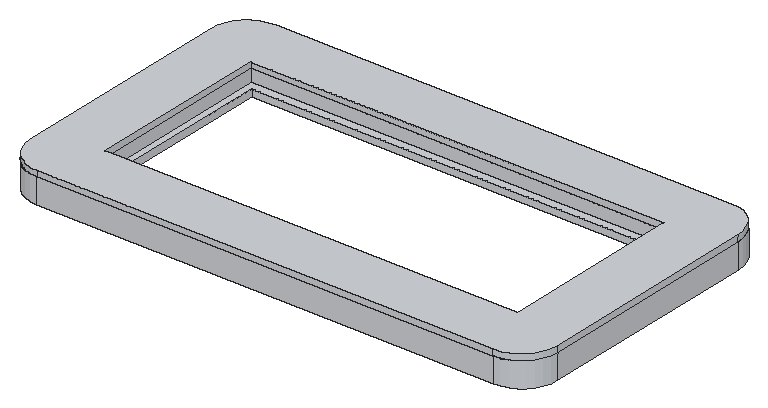
Revit family "Gira_1002412", category Electrical Fixtures, host Face, Revit 2017
Family settings
  Host = Face
  Maintain Annotation Orientation = No
  Round Connector Dimension = Use Diameter
  Part Type = Normal
  Cut with Voids When Loaded = No
  Shared = No
  Room Calculation Point = No
Parameters (values of type "Cov.fr. 2-g w/o cb Gira E3 grey/p.white")
  URL = "http://katalog.gira.de/en/datenblatt.html?artikelnr=1002412"
  Transparent = "No"
  Name = "Cov.fr. 2-g w/o cb Gira E3 grey/p.white"
  Manufacturer URL = "https://www.gira.de/"
  Manufacturer = "Gira"
  Keynote = ""
  HeinzeBIM = "https://bimportal.heinze.de/bim/cov-fr-2-g-w-o-cb-gira-e3-grey-p-white/142c4049a2b09eb904bfb0a1026104732c8e47fe"
  HAN = "1002412"
  GTIN = "4010337023944"
  Description = "Cov.fr.2g w o cb E3 GyPw,Gira E3 cover frame,grey soft touch with pure white glossy intermediate frame,2-gang without crossbar,Features:,- Shatter-proof.,,Notes :,- Soft-touch surface,- NCS value: approx. NCS S 3500-N"
  Default Elevation = 1219.2 mm
  Data sheet (1) = "https://katalog.gira.de/en/download.html?artikelnr=1002412"
  Category = "Cover frame for domestic switching devices"
  BIM (1) = "https://media.stage.bim.site/public/gira/36a6b08/E3_Rahmen_2fach o.Mittelsteg.rfa?public/gira/36a6b08/E3_Rahmen_2fach o.Mittelsteg.rfa"
  Available = "No"
Reference planes
  plane 1 "Center (Front/Back)": y = 0
  plane 2: z = 0
  plane 3 "Center (Left/Right)": x = 0
Forms (mm)
  Extrusion 1, solid
    sketch origin (0, 0, 0) x (1, 0, 0) y (0, 1, 0)
      loop
        arc (-70.233, 45.809) -> (-78.018, 42.585) -> (-81.243, 34.8) r 11.009
        line (-81.243, 34.8) -> (-81.243, -34.8)
        arc (-81.243, -34.8) -> (-78.018, -42.585) -> (-70.233, -45.809) r 11.009
        line (-70.233, -45.809) -> (70.233, -45.809)
        arc (70.233, -45.809) -> (78.018, -42.585) -> (81.243, -34.8) r 11.009
        line (81.243, -34.8) -> (81.243, 34.8)
        arc (81.243, 34.8) -> (78.018, 42.585) -> (70.233, 45.809) r 11.009
        line (70.233, 45.809) -> (-70.233, 45.809)
      loop
        line (63.62, 28.156) -> (-63.62, 28.156) -> (-63.62, -28.156) -> (63.62, -28.156) -> (63.62, 28.156)
    from 7.65 to 9.5
  Extrusion 2, solid
    sketch origin (0, 0, 0) x (1, 0, 0) y (0, 1, 0)
      loop
        line (61.452, 25.7) -> (-61.448, 25.7) -> (-61.448, -25.7) -> (61.452, -25.7) -> (61.452, 25.7)
      loop
        line (-63.935, -28.156) -> (63.939, -28.156) -> (63.939, 28.156) -> (-63.935, 28.156) -> (-63.935, -28.156)
    from 1.65 to 3.9
  Extrusion 3, solid
    sketch origin (0, 0, 0) x (1, 0, 0) y (0, 1, 0)
      loop
        arc (-70.346, 45.809) -> (-78.131, 42.585) -> (-81.355, 34.8) r 11.009
        line (-81.355, 34.8) -> (-81.355, -34.8)
        arc (-81.355, -34.8) -> (-78.131, -42.585) -> (-70.346, -45.809) r 11.009
        line (-70.346, -45.809) -> (70.35, -45.809)
        arc (70.35, -45.809) -> (78.134, -42.585) -> (81.359, -34.8) r 11.009
        line (81.359, -34.8) -> (81.359, 34.8)
        arc (81.359, 34.8) -> (78.134, 42.585) -> (70.35, 45.809) r 11.009
        line (70.35, 45.809) -> (-70.346, 45.809)
      loop
        line (-79.389, 34.785) -> (-79.389, -34.785)
        arc (-79.389, -34.785) -> (-76.736, -41.19) -> (-70.331, -43.843) r 9.058
        line (-70.331, -43.843) -> (70.334, -43.843)
        arc (70.334, -43.843) -> (76.74, -41.19) -> (79.393, -34.785) r 9.058
        line (79.393, -34.785) -> (79.393, 34.785)
        arc (79.393, 34.785) -> (76.74, 41.19) -> (70.334, 43.843) r 9.058
        line (70.334, 43.843) -> (-70.331, 43.843)
        arc (-70.331, 43.843) -> (-76.736, 41.19) -> (-79.389, 34.785) r 9.058
    from 0 to 7.65
  Extrusion 4, solid
    sketch origin (0, 0, 0) x (1, 0, 0) y (0, 1, 0)
      loop
        line (-67.501, -39.8) -> (67.505, -39.8)
        arc (67.505, -39.8) -> (73.119, -36.708) -> (75.352, -30.7) r 9.2
        line (75.352, -30.7) -> (75.352, 30.7)
        arc (75.352, 30.7) -> (72.657, 37.205) -> (66.152, 39.9) r 9.2
        line (66.152, 39.9) -> (-66.148, 39.9)
        arc (-66.148, 39.9) -> (-72.653, 37.205) -> (-75.348, 30.7) r 9.2
        line (-75.348, 30.7) -> (-75.348, -30.7)
        arc (-75.348, -30.7) -> (-73.115, -36.708) -> (-67.501, -39.8) r 9.2
      loop
        line (-66.148, -31.7) -> (66.152, -31.7)
        arc (66.152, -31.7) -> (66.859, -31.407) -> (67.152, -30.7) r 1
        line (67.152, -30.7) -> (67.152, 30.7)
        arc (67.152, 30.7) -> (66.859, 31.407) -> (66.152, 31.7) r 1
        line (66.152, 31.7) -> (-66.148, 31.7)
        arc (-66.148, 31.7) -> (-66.855, 31.407) -> (-67.148, 30.7) r 1
        line (-67.148, 30.7) -> (-67.148, -30.7)
        arc (-67.148, -30.7) -> (-66.855, -31.407) -> (-66.148, -31.7) r 1
    from 1.65 to 3.9
  Extrusion 5, solid
    sketch origin (0, 0, 0) x (1, 0, 0) y (0, 1, 0)
      loop
        line (-63.62, 28.156) -> (-63.62, -28.156) -> (63.62, -28.156) -> (63.62, 28.156) -> (-63.62, 28.156)
      loop
        line (-66.692, 27.327) -> (-66.692, -27.327)
        arc (-66.692, -27.327) -> (-65.601, -29.977) -> (-62.954, -31.075) r 3.739
        line (-62.954, -31.075) -> (62.958, -31.075)
        arc (62.958, -31.075) -> (65.601, -29.98) -> (66.696, -27.337) r 3.739
        line (66.696, -27.337) -> (66.696, 27.337)
        arc (66.696, 27.337) -> (65.601, 29.98) -> (62.958, 31.075) r 3.739
        line (62.958, 31.075) -> (-62.954, 31.075)
        arc (-62.954, 31.075) -> (-65.601, 29.977) -> (-66.692, 27.327) r 3.739
    from 1.65 to 7.65
  Extrusion 6, solid, detail levels coarse+medium
    sketch origin (0, 0, 0) x (1, 0, 0) y (0, 1, 0)
      loop
        line (-81.355, 45.809) -> (-81.355, -45.809) -> (81.359, -45.809) -> (81.359, 45.809) -> (-81.355, 45.809)
    from 0 to 9.5
Dimensions and locks
  aligned and locked: plane 2 to host face
  aligned and locked: level to host face
